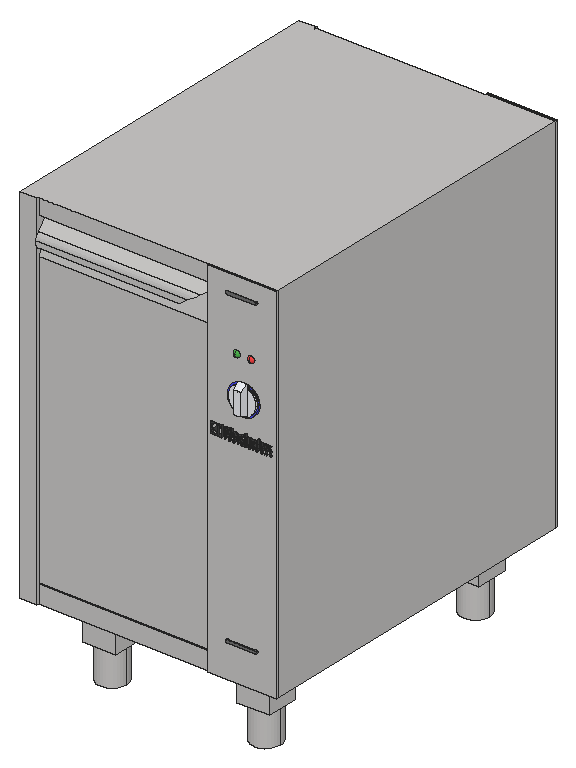
Revit family "QF_ELECTROLUXPROFESSIONAL_121834_TERPE5DA", category Attrezzature speciali, Revit 2020
Family settings
  Quota connettore circolare = Usa diametro
  Tipo di parte = Normale
  Basato su piano di lavoro = No
  Sempre verticale = Sì
  Taglio con vuoti quando caricato = No
  Condiviso = No
  Punto di calcolo locali = No
Parameters (values of type "Standard")
  Weight = 10.00 kg
  Watts = 1600 W
  Volts = 230 V
  URL Manufacturer = "https://www.electroluxprofessional.com/"
  URL = "https://www.electroluxprofessional.com/"
  Steam Supply Size = 0 mm
  Steam Supply Minimum Pressure = 0.0 Pa
  Steam Supply Maximum Pressure = 0.0 Pa
  Steam Consumption per Hour = 0
  Refrigeration Suction Line Size = 0.0 mm
  Refrigeration Liquid Line Size = 0.0 mm
  Refrigerant Compressor Remote = yes
  Prospetto di default = 0.0 mm
  Phase = 1
  Modello = "TERPE5DA"
  Produttore = "Electrolux Professional"
  Length Actual = 500.0 mm  # constant formula
  Item Number = "121834"
  Hot Water Size = 0 mm
  Height Actual = 860.0 mm  # constant formula
  HP = "2.1 HP"
  Gas Size = 0 mm
  Gas KW = 0
  Gas Input Pressure = 0 W
  Direct Waste Size = 0 mm
  Descrizione = "HOT CUPB.PASS-THRU 1+1HINGED DOORS 500MM"
  Depth Actual = 680.0 mm  # constant formula
  Cycle = 50 Hz
  Condensate Return Size = 0 mm
  Compressed Air Volume = 0.0 L/s
  Compressed Air Size = 0 mm
  Compressed Air Pressure = 0.0 Pa
  Cold Water Size = 0 mm
  Accessory = yes
Reference planes
  plane 1 "Center (Front/Back)": y = 0
  plane 2: z = 0
  plane 3 "Center (Left/Right)": x = -300
  plane 4 "LEFT": x = -550
  plane 5 "RIGHT": x = -50
  plane 6 "BACK": y = 340
  plane 7 "FRONT": y = -340
  plane 8 "Base": z = 860
  plane 9 "TOP": z = 900
  plane 10: x = -450
  plane 11: x = -150
  plane 12: y = 270
  plane 13: y = -240
  plane 14 "FEET": z = 150
  plane 15: x = -516
  plane 16: y = -337
  plane 17: y = 297
  plane 18: x = -184
  plane 19 "EIy": x = -82
  plane 20 "EIx": y = -90
  plane 21: y = 337
Forms (mm)
  Extrusion 1, solid, material "QF_Finishes_Stainless Steel"
    sketch origin (0, 0, 150) x (-1, 0, 0) y (0, -1, 0)
      loop
        line (550, -340) -> (550, 340) -> (516, 340) -> (516, -340) -> (550, -340)
      loop
        line (184, -340) -> (184, 337) -> (50, 337) -> (50, -340) -> (184, -340)
    from 0 to 710
  Extrusion 2, solid, material "QF_Finishes_Stainless Steel"
    sketch origin (0, 0, 150) x (-1, 0, 0) y (0, -1, 0)
      loop
        line (516, -297) -> (516, 337) -> (184, 337) -> (184, -297) -> (516, -297)
    from 0 to 35
  Extrusion 3, solid, material "QF_Finishes_Stainless Steel"
    sketch origin (0, 0, 0) x (1, 0, 0) y (0, 1, 0)
      loop
        line (-516, -337) -> (-184, -337) -> (-184, 337) -> (-516, 337) -> (-516, -337)
    from 830 to 860
  Extrusion 4, solid, material "QF_Finishes_Stainless Steel"
    sketch origin (0, 0, 150) x (-1, 0, 0) y (0, -1, 0)
      loop
        circle (82, 90) r 10
    from 0 to -5
Cuts and joins
  joined: Extrusion 1, Extrusion 3
Lines and regions (mm)
  symbolic lines, style "SpecialityEquipmentHiddenLines"
    curve 1: line (-50, -340, 900) -> (-50, 340, 900)
    curve 2: line (-550, -344.5, 150) -> (-550, 340, 150)
    curve 3: line (-550, -340, 150) -> (-516, -340, 150)
    curve 4: line (-516, -340, 150) -> (-516, -337, 150)
    curve 5: line (-516, -337, 150) -> (-184, -337, 150)
    curve 6: line (-184, -337, 150) -> (-184, -340, 150)
    curve 7: line (-184, -340, 150) -> (-50, -340, 150)
    curve 8: line (-550, 340, 150) -> (-516, 340, 150)
    curve 9: line (-516, 340, 150) -> (-516, 337, 150)
    curve 10: line (-516, 337, 150) -> (-184, 337, 150)
    curve 11: line (-184, 337, 150) -> (-184, 340, 150)
    curve 12: line (-184, 340, 150) -> (-50, 340, 150)
Dimensions and locks
  plane 4 "LEFT" to plane 5 "RIGHT" = 500.0 mm
  equal spacing: plane 4 "LEFT", plane 3 "Center (Left/Right)", plane 5 "RIGHT"
  plane 6 "BACK" to plane 7 "FRONT" = 680.0 mm
  equal spacing: plane 6 "BACK", plane 1 "Center (Front/Back)", plane 7 "FRONT"
  locked: plane 14 "FEET" to level at 150
  locked: plane 4 "LEFT" to plane 10 at 100
  locked: plane 11 to plane 5 "RIGHT" at 100
  locked: plane 4 "LEFT" to plane 15 at 34
  plane 16 to plane 7 "FRONT" = 3.0 mm
  plane 6 "BACK" to plane 17 = 43.0 mm
  locked: plane 6 "BACK" to plane 12 at 70
  locked: plane 13 to plane 7 "FRONT" at 100
  locked: plane 8 "Base" to level at 860
  locked: plane 9 "TOP" to level at 900
  plane 18 to plane 5 "RIGHT" = 134.0 mm
  plane 20 "EIx" to plane 7 "FRONT" = 250.0 mm
  plane 19 "EIy" to plane 5 "RIGHT" = 32.0 mm
  plane 6 "BACK" to plane 21 = 3.0 mm
  nested 6 to nested 8 = 1340.0 mm
  aligned and locked: level to plane 2
  aligned and locked: plane 10 to nested 1
  aligned and locked: plane 11 to nested 2
  aligned and locked: nested 4 to plane 12
  aligned and locked: plane 10 to nested 3
  aligned and locked: nested 3 to plane 12
  aligned and locked: plane 8 "Base" to Extrusion 1
  aligned and locked: plane 6 "BACK" to Extrusion 1 sketch curve
  aligned and locked: Extrusion 1 sketch curve to plane 6 "BACK"
  aligned and locked: Extrusion 1 sketch curve to plane 7 "FRONT"
  aligned and locked: plane 15 to Extrusion 1
  aligned and locked: Extrusion 2 to plane 15
  aligned and locked: plane 8 "Base" to Extrusion 3
  aligned and locked: Extrusion 2 to plane 16
  aligned and locked: Extrusion 2 to plane 17
  aligned and locked: Extrusion 3 to plane 16
  aligned and locked: nested 1 to plane 13
  aligned and locked: nested 2 to plane 13
  aligned and locked: plane 18 to Extrusion 3
  aligned and locked: Extrusion 2 sketch curve to plane 18
  aligned and locked: Extrusion 3 to plane 21
Automatic sketch dimensions
  Extrusion 4 sketch curve to plane 19 "EIy" = 0.0 mm
  Extrusion 4 sketch curve to plane 20 "EIx" = 0.0 mm
  curve 1 to plane 5 "RIGHT" = 0.0 mm
  curve 1 to plane 7 "FRONT" = 0.0 mm
  curve 1 to plane 6 "BACK" = 0.0 mm
  Extrusion 1 sketch curve to plane 5 "RIGHT" = 0.0 mm
  Extrusion 1 sketch curve to plane 16 = 0.0 mm
  Extrusion 1 sketch curve to plane 18 = 0.0 mm
  Extrusion 1 sketch curve to plane 15 = 0.0 mm
  Extrusion 1 sketch curve to plane 4 "LEFT" = 0.0 mm
  Extrusion 2 sketch curve to plane 15 = 0.0 mm
  plane 17 to Extrusion 2 sketch curve = 0.0 mm
  Extrusion 2 sketch curve to plane 16 = 0.0 mm
  curve 7 to plane 5 "RIGHT" = 0.0 mm
  curve 12 to plane 5 "RIGHT" = 0.0 mm
  curve 12 to plane 6 "BACK" = 0.0 mm
  curve 12 to plane 18 = 0.0 mm
  curve 7 to plane 7 "FRONT" = 0.0 mm
  curve 7 to plane 18 = 0.0 mm
  curve 5 to plane 15 = 0.0 mm
  curve 8 to plane 6 "BACK" = 0.0 mm
  curve 8 to plane 15 = 0.0 mm
  curve 2 to plane 4 "LEFT" = 0.0 mm
  plane 21 to curve 9 = 0.0 mm
  curve 4 to plane 16 = 0.0 mm
  curve 4 to plane 7 "FRONT" = 0.0 mm
  curve 3 to curve 2 = 4.5 mm
  Extrusion 3 sketch curve to plane 15 = 0.0 mm
  Extrusion 3 sketch curve to plane 18 = 0.0 mm
  Extrusion 3 sketch curve to plane 16 = 0.0 mm
  plane 21 to Extrusion 3 sketch curve = 0.0 mm
  radius of Extrusion 4 sketch curve = 10.0 mm
Nested families
  nested 1: "FEET_L63-150" at (-450, -240, 0), type "FEET_L63-150"
  nested 2: "FEET_L63-150" at (-150, -240, 0), type "FEET_L63-150"
  nested 3: "FEET_L63-150" at (-450, 270, 0), type "FEET_L63-150"
  nested 4: "FEET_L63-150" at (-150, 270, 0), type "FEET_L63-150"
  nested 5: "PANEL_ELX_HOTCUP_134" at (-153.042, -337, 150) x (1, 0, 0) z (0, -1, 0), type "PANEL_ELX_HOTCUP_134"
    with Width 134.0 mm, Show Clearance yes
  nested 6: "H637_400_1DOOR" at (-386.042, -297, 150) x (1, 0, 0) z (0, -1, 0), type "H637_400_1DOOR"
    with Width 400.0 mm, Show Clearance yes
  nested 7: "PANEL_ELX_HOTCUP_134" at (-80.958, 340, 150) x (-1, 0, 0) z (0, 1, 0), type "PANEL_ELX_HOTCUP_134"
    with Width 134.0 mm, Show Clearance yes
  nested 8: "H637_400_1DOOR" at (-313.958, 297, 150) x (-1, 0, 0) z (0, 1, 0), type "H637_400_1DOOR"
    with Width 400.0 mm, Show Clearance yes
Connectors
  electrical at (-82, -90, 145), driven by "Volts"
    settings: on Extrusion 4, index 1, voltage 230 V, apparent load 0 VA, apparent load phase1 0 VA, apparent load phase2 0 VA, apparent load phase3 0 VA, power factor 1, load classification "Other", number of poles 1, system type 30, power factor state 1, is connector primary yes, connector utility no, sub classification motor no, connector description "Electrical Connection"
Definition of nested family "FEET_L63-150"
  Parameters
    Default Elevation = 0.0 mm
    FEET = 150.0 mm
  Reference planes
    plane 1 "Center (Front/Back)": y = 0
    plane 2: z = 0
    plane 3 "Center (Left/Right)": x = 0
    plane 4: z = 150
  Forms (mm)
    Extrusion 1, solid
      sketch origin (0, 0, 0) x (1, 0, 0) y (0, 1, 0)
        loop
          circle (0, 0) r 28
      from 0 to 67
    Extrusion 2, solid
      sketch origin (0, 0, 0) x (1, 0, 0) y (0, 1, 0)
        loop
          line (31.561, 31.5) -> (-31.439, 31.5) -> (-31.439, -31.5) -> (31.561, -31.5) -> (31.561, 31.5)
      from 67 to 150 <- "FEET"
  Lines and regions (mm)
    symbolic lines
      curve 1: line (0, -1.503, 0) -> (0, 1.508, 0)
      curve 2: line (1.561, 0, 0) -> (-1.439, 0, 0)
  Dimensions and locks
    "FEET": plane 4 to plane 2
    aligned and locked: level to plane 2
  Automatic sketch dimensions
    plane 1 "Center (Front/Back)" to Extrusion 1 sketch curve = 0.0 mm
    Extrusion 1 sketch curve to plane 3 "Center (Left/Right)" = 0.0 mm
    plane 1 "Center (Front/Back)" to curve 2 = 0.0 mm
    curve 1 to plane 3 "Center (Left/Right)" = 0.0 mm
    curve 2 to plane 3 "Center (Left/Right)" = 1.439 mm
    plane 3 "Center (Left/Right)" to curve 2 = 1.561 mm
    plane 1 "Center (Front/Back)" to curve 1 = 1.503 mm
    curve 1 to plane 1 "Center (Front/Back)" = 1.508 mm
    Extrusion 2 sketch curve to plane 1 "Center (Front/Back)" = 31.5 mm
    Extrusion 2 sketch curve to plane 3 "Center (Left/Right)" = 31.439 mm
    plane 3 "Center (Left/Right)" to Extrusion 2 sketch curve = 31.561 mm
    plane 1 "Center (Front/Back)" to Extrusion 2 sketch curve = 31.5 mm
    radius of Extrusion 1 sketch curve = 28.0 mm
Definition of nested family "PANEL_ELX_HOTCUP_134"
  Parameters
    Width [instance] = 134.0 mm
    Show Clearance [instance] = yes
    Model = "727995"
    Height = 710.0 mm
    Default Elevation = 0.0 mm
  Reference planes
    plane 1 "Center (Front/Back)": y = 0
    plane 2: z = 0
    plane 3 "Center (Left/Right)": x = 36.042
    plane 4 "panel": z = 3
    plane 5 "Left": x = -30.958
    plane 6 "Right": x = 103.042
    plane 7: y = 710
    plane 8 "L1": x = 26.042
    plane 9 "L2": x = 54.042
    plane 10: y = 575
  Forms (mm)
    Extrusion 1, solid
      sketch origin (0, -919.2, 0) x (1, 0, 0) y (0, 1, 0)
        loop
          line (-980.5, 2119.2) -> (-980.5, -162.846) -> (881.94, -162.846) -> (881.94, 2119.2) -> (-980.5, 2119.2)
      from 0 to -59.546
    Extrusion 2, solid
      sketch origin (36.042, -190, 0) x (0, 1, 0) y (0, 0, 1)
        loop
          line (190, 3) -> (190, 0) -> (900, 0) -> (900, 3) -> (190, 3)
      from 67 to -67
    Extrusion 3, solid
      sketch origin (0, 0, 0) x (1, 0, 0) y (0, 1, 0)
        loop
          line (9.042, 673.5) -> (63.042, 673.5)
          arc (63.042, 673.5) -> (66.042, 676.5) -> (63.042, 679.5) r 3
          line (63.042, 679.5) -> (9.042, 679.5)
          arc (9.042, 679.5) -> (6.042, 676.5) -> (9.042, 673.5) r 3
        loop
          line (9.042, 65) -> (63.042, 65)
          arc (63.042, 65) -> (66.042, 68) -> (63.042, 71) r 3
          line (63.042, 71) -> (9.042, 71)
          arc (9.042, 71) -> (6.042, 68) -> (9.042, 65) r 3
      from 3 to 4.6
    Extrusion 4, solid
      sketch origin (0, 0, 0) x (1, 0, 0) y (0, 1, 0)
        loop
          circle (40.042, 500) r 30
      from 0 to 5
    Extrusion 5, solid
      sketch origin (0, 0, 0) x (1, 0, 0) y (0, 1, 0)
        loop
          circle (40.042, 500) r 26.788
      from 7 to 5
    Blend 6, solid
      base sketch origin (0, 0, 0) x (1, 0, 0) y (0, 1, 0)
        loop
          arc (48.106, 530.45) -> (40.022, 531.5) -> (31.94, 530.44) r 31.5
          line (31.94, 530.44) -> (31.94, 474.458)
          arc (31.94, 474.458) -> (40.023, 473.209) -> (48.106, 474.454) r 26.815
          line (48.106, 474.454) -> (48.106, 530.45)
      top sketch origin (0, 0, 0) x (1, 0, 0) y (0, 1, 0)
        loop
          arc (47.007, 520.889) -> (40.042, 522.019) -> (33.077, 520.889) r 22.019
          line (33.077, 520.889) -> (33.077, 480.699)
          arc (33.077, 480.699) -> (40.042, 479.481) -> (47.007, 480.699) r 20.519
          line (47.007, 480.699) -> (47.007, 520.889)
      from 7 to 20
    Revolve 7, solid
      sketch origin (26.042, 0, 0) x (0, 1, 0) y (0, 0, 1)
        loop
          line (575, 3) -> (581, 3)
          arc (581, 3) -> (578.606, 5.908) -> (575, 7) r 6.5
          line (575, 7) -> (575, 3)
        axis (575, 7) -> (575, 3)
      angle from 0 to 360
    Revolve 8, solid
      sketch origin (54.042, 0, 0) x (0, 1, 0) y (0, 0, 1)
        loop
          line (575, 3) -> (581, 3)
          arc (581, 3) -> (578.606, 5.908) -> (575, 7) r 6.5
          line (575, 7) -> (575, 3)
        axis (575, 7) -> (575, 3)
      angle from 0 to 360
  Dimensions and locks
    plane 4 "panel" to level = 3.0 mm
    "Width": plane 5 "Left" to plane 6 "Right"
    equal spacing: plane 5 "Left", plane 3 "Center (Left/Right)", plane 6 "Right"
    "Height": plane 1 "Center (Front/Back)" to plane 7
    aligned and locked: plane 2 to Extrusion 1
    aligned and locked: level to Extrusion 1
    aligned and locked: plane 7 to Extrusion 2
    aligned and locked: plane 6 "Right" to Extrusion 2
    aligned and locked: Extrusion 2 to plane 5 "Left"
    aligned and locked: plane 1 "Center (Front/Back)" to Extrusion 2
  Automatic sketch dimensions
    Extrusion 1 sketch curve to Extrusion 1 sketch curve = 1862.44 mm
    Extrusion 1 sketch curve to Extrusion 1 sketch curve = 2282.046 mm
    Extrusion 2 sketch curve to plane 1 "Center (Front/Back)" = 0.0 mm
    Extrusion 2 sketch curve to level = 0.0 mm
    Extrusion 2 sketch curve to plane 7 = 0.0 mm
    Extrusion 2 sketch curve to plane 4 "panel" = 0.0 mm
    Extrusion 3 sketch curve to plane 8 "L1" = 17.0 mm  (x2)
    plane 9 "L2" to Extrusion 3 sketch curve = 9.0 mm  (x2)
    Extrusion 3 sketch curve to plane 1 "Center (Front/Back)" = 65.0 mm
    Extrusion 3 sketch curve to Extrusion 3 sketch curve = 3.0 mm  (x2)
    Extrusion 3 sketch curve to plane 7 = 36.5 mm
    plane 3 "Center (Left/Right)" to Extrusion 4 sketch curve = 4.0 mm
    Extrusion 4 sketch curve to plane 10 = 75.0 mm
    plane 3 "Center (Left/Right)" to Extrusion 5 sketch curve = 4.0 mm
    Extrusion 5 sketch curve to plane 10 = 75.0 mm
    Blend 6 sketch curve to plane 3 "Center (Left/Right)" = 4.102 mm
    plane 3 "Center (Left/Right)" to Blend 6 sketch curve = 3.988 mm
    Blend 6 sketch curve to Blend 6 sketch curve = 0.012 mm
    Blend 6 sketch curve to plane 9 "L2" = 5.936 mm
    Blend 6 sketch curve to plane 10 = 100.546 mm
    Blend 6 sketch curve to Blend 6 sketch curve = 0.004 mm
    Blend 6 sketch curve to Blend 6 sketch curve = 0.024 mm
    Blend 6 sketch curve to Blend 6 sketch curve = 30.416 mm
    Blend 6 sketch curve to Blend 6 sketch curve = 0.0 mm  (x2)
    Blend 6 sketch curve to plane 3 "Center (Left/Right)" = 2.965 mm
    plane 3 "Center (Left/Right)" to Blend 6 sketch curve = 4.0 mm
    Blend 6 sketch curve to plane 9 "L2" = 7.035 mm
    Blend 6 sketch curve to plane 10 = 94.301 mm
    Blend 6 sketch curve to Blend 6 sketch curve = 19.301 mm
    Blend 6 sketch curve to Blend 6 sketch curve = 20.889 mm
    Revolve 7 sketch curve to plane 4 "panel" = 0.0 mm
    Revolve 7 sketch curve to plane 10 = 0.0 mm  (x2)
    plane 10 to Revolve 7 sketch curve = 6.0 mm
    level to Revolve 7 sketch curve = 0.5 mm
    Revolve 7 sketch curve to Revolve 7 sketch curve = 0.57 mm
    Revolve 7 sketch curve to Revolve 7 sketch curve = 2.941 mm
    Revolve 8 sketch curve to plane 4 "panel" = 0.0 mm
    Revolve 8 sketch curve to plane 10 = 0.0 mm  (x2)
    plane 10 to Revolve 8 sketch curve = 6.0 mm
    level to Revolve 8 sketch curve = 0.5 mm
    Revolve 8 sketch curve to Revolve 8 sketch curve = 0.57 mm
    Revolve 8 sketch curve to Revolve 8 sketch curve = 2.941 mm
    radius of Extrusion 4 sketch curve = 30.0 mm
    radius of Extrusion 5 sketch curve = 26.788 mm
  Nested families
    nested 1: "ELX_Professional_Logo_Small" at (36.042, 430.35, 3), type "ELX_Professional_Logo_Small"
      with Show Logo yes, Material_Logo none
  Definition of nested family "ELX_Professional_Logo_Small"
    Parameters
      Show Logo [instance] = yes
      Material_Logo [instance] = none
      Default Elevation = 0.0 mm
    Reference planes
      plane 1 "Centro (Fronte/Retro)": y = 0
      plane 2: z = 0
      plane 3 "Centro (Sinistra/Destra)": x = 0
    Forms (mm)
      Extrusion 1, solid
        sketch origin (0, 0, 0) x (1, 0, 0) y (0, 1, 0)
          loop
            line (-1219.2, 1219.2) -> (-1219.2, -1219.2) -> (1219.2, -1219.2) -> (1219.2, 1219.2) -> (-1219.2, 1219.2)
        from 0 to -304.8
      Extrusion 2, solid, material <- "Material_Logo"
        sketch origin (15.5, 0, 0) x (1, 0, 0) y (0, 1, 0)
          loop
            spline (-42.99, -1.24) -> (-43.195, -1.231) -> (-43.415, -1.203) -> (-43.642, -1.152) -> (-43.87, -1.074) -> (-44.095, -0.966) -> (-44.309, -0.825) -> (-44.506, -0.647) -> (-44.681, -0.429) -> (-44.828, -0.167) -> (-44.94, 0.142) -> (-45.011, 0.501) -> (-45.037, 0.915)
            line (-45.037, 0.915) -> (-45.037, 2.748) -> (-38.984, 2.748) -> (-38.984, 5.086) -> (-45.038, 5.086) -> (-45.038, 8.489) -> (-38.599, 8.489) -> (-38.599, 10.82) -> (-47.515, 10.82) -> (-47.515, 1.021)
            spline (-47.515, 1.021) -> (-47.493, 0.418) -> (-47.425, -0.15) -> (-47.311, -0.682) -> (-47.15, -1.175) -> (-46.939, -1.628) -> (-46.678, -2.038) -> (-46.365, -2.404) -> (-46, -2.723) -> (-45.58, -2.995) -> (-45.105, -3.216) -> (-44.573, -3.385) -> (-43.983, -3.499)
            line (-43.983, -3.499) -> (-43.01, -3.569) -> (-38.426, -3.569) -> (-38.426, -1.24) -> (-42.99, -1.24)
          loop
            line (-36.666, 4.021) -> (-36.666, -3.573) -> (-34.188, -3.573) -> (-34.188, 10.824) -> (-36.666, 10.824) -> (-36.666, 4.021)
          loop
            spline (-21.915, 1.897) -> (-21.957, 2.615) -> (-22.082, 3.303) -> (-22.285, 3.955) -> (-22.563, 4.564) -> (-22.913, 5.124) -> (-23.331, 5.629) -> (-23.814, 6.074) -> (-24.359, 6.451) -> (-24.961, 6.755) -> (-25.618, 6.98) -> (-26.326, 7.119) -> (-27.081, 7.167)
            spline (-27.081, 7.167) -> (-27.853, 7.122) -> (-28.586, 6.99) -> (-29.275, 6.774) -> (-29.915, 6.478) -> (-30.5, 6.104) -> (-31.024, 5.657) -> (-31.483, 5.138) -> (-31.871, 4.553) -> (-32.182, 3.904) -> (-32.411, 3.194) -> (-32.552, 2.427) -> (-32.6, 1.606)
            spline (-32.6, 1.606) -> (-32.553, 0.805) -> (-32.416, 0.057) -> (-32.193, -0.637) -> (-31.887, -1.271) -> (-31.504, -1.843) -> (-31.048, -2.35) -> (-30.523, -2.788) -> (-29.934, -3.154) -> (-29.284, -3.444) -> (-28.579, -3.656) -> (-27.822, -3.785) -> (-27.019, -3.829)
            spline (-27.019, -3.829) -> (-26.627, -3.82) -> (-26.239, -3.79) -> (-25.856, -3.739) -> (-25.477, -3.663) -> (-25.103, -3.562) -> (-24.734, -3.432) -> (-24.369, -3.273) -> (-24.01, -3.082) -> (-23.655, -2.858) -> (-23.305, -2.597) -> (-22.96, -2.299) -> (-22.621, -1.962)
            line (-22.621, -1.962) -> (-24.114, -0.509)
            spline (-24.114, -0.509) -> (-24.311, -0.699) -> (-24.509, -0.872) -> (-24.71, -1.03) -> (-24.915, -1.172) -> (-25.126, -1.297) -> (-25.346, -1.407) -> (-25.576, -1.5) -> (-25.817, -1.576) -> (-26.072, -1.636) -> (-26.342, -1.678) -> (-26.629, -1.704) -> (-26.936, -1.713)
            spline (-26.936, -1.713) -> (-27.384, -1.691) -> (-27.805, -1.625) -> (-28.196, -1.518) -> (-28.556, -1.372) -> (-28.882, -1.187) -> (-29.174, -0.966) -> (-29.429, -0.71) -> (-29.645, -0.422) -> (-29.821, -0.102) -> (-29.955, 0.247) -> (-30.045, 0.623) -> (-30.089, 1.026)
            line (-30.089, 1.026) -> (-21.956, 1.026) -> (-21.915, 1.897)
          loop
            spline (-24.446, 2.769) -> (-24.47, 3.075) -> (-24.54, 3.37) -> (-24.654, 3.65) -> (-24.807, 3.913) -> (-24.996, 4.156) -> (-25.219, 4.376) -> (-25.472, 4.57) -> (-25.753, 4.736) -> (-26.057, 4.869) -> (-26.382, 4.968) -> (-26.724, 5.03) -> (-27.081, 5.051)
            spline (-27.081, 5.051) -> (-27.464, 5.03) -> (-27.832, 4.97) -> (-28.183, 4.872) -> (-28.513, 4.74) -> (-28.819, 4.577) -> (-29.099, 4.384) -> (-29.347, 4.165) -> (-29.563, 3.923) -> (-29.742, 3.659) -> (-29.881, 3.377) -> (-29.977, 3.079) -> (-30.027, 2.769)
            line (-30.027, 2.769) -> (-24.446, 2.769)
          loop
            spline (-18.167, 1.669) -> (-18.138, 2.13) -> (-18.055, 2.567) -> (-17.921, 2.978) -> (-17.739, 3.358) -> (-17.512, 3.705) -> (-17.243, 4.016) -> (-16.937, 4.287) -> (-16.596, 4.517) -> (-16.223, 4.7) -> (-15.823, 4.835) -> (-15.398, 4.919) -> (-14.951, 4.947)
            spline (-14.951, 4.947) -> (-14.677, 4.938) -> (-14.414, 4.913) -> (-14.162, 4.871) -> (-13.921, 4.812) -> (-13.69, 4.738) -> (-13.467, 4.649) -> (-13.254, 4.544) -> (-13.048, 4.424) -> (-12.85, 4.291) -> (-12.659, 4.143) -> (-12.474, 3.981) -> (-12.295, 3.806)
            line (-12.295, 3.806) -> (-10.76, 5.403)
            spline (-10.76, 5.403) -> (-11.065, 5.709) -> (-11.38, 5.984) -> (-11.703, 6.228) -> (-12.035, 6.443) -> (-12.375, 6.63) -> (-12.723, 6.788) -> (-13.078, 6.92) -> (-13.44, 7.026) -> (-13.809, 7.107) -> (-14.184, 7.164) -> (-14.564, 7.198) -> (-14.951, 7.209)
            spline (-14.951, 7.209) -> (-15.725, 7.161) -> (-16.467, 7.02) -> (-17.169, 6.792) -> (-17.826, 6.482) -> (-18.43, 6.096) -> (-18.976, 5.637) -> (-19.455, 5.112) -> (-19.862, 4.525) -> (-20.19, 3.882) -> (-20.433, 3.189) -> (-20.584, 2.449) -> (-20.635, 1.669)
            spline (-20.635, 1.669) -> (-20.584, 0.889) -> (-20.433, 0.149) -> (-20.19, -0.545) -> (-19.862, -1.187) -> (-19.455, -1.774) -> (-18.976, -2.299) -> (-18.43, -2.758) -> (-17.826, -3.145) -> (-17.169, -3.454) -> (-16.467, -3.682) -> (-15.725, -3.823) -> (-14.951, -3.871)
            spline (-14.951, -3.871) -> (-14.564, -3.86) -> (-14.184, -3.826) -> (-13.809, -3.77) -> (-13.44, -3.689) -> (-13.078, -3.583) -> (-12.723, -3.451) -> (-12.375, -3.292) -> (-12.035, -3.105) -> (-11.703, -2.89) -> (-11.38, -2.646) -> (-11.065, -2.371) -> (-10.76, -2.066)
            line (-10.76, -2.066) -> (-12.295, -0.468)
            spline (-12.295, -0.468) -> (-12.474, -0.643) -> (-12.659, -0.805) -> (-12.85, -0.953) -> (-13.048, -1.087) -> (-13.254, -1.206) -> (-13.467, -1.311) -> (-13.69, -1.4) -> (-13.921, -1.475) -> (-14.162, -1.533) -> (-14.414, -1.575) -> (-14.677, -1.6) -> (-14.951, -1.609)
            spline (-14.951, -1.609) -> (-15.398, -1.581) -> (-15.823, -1.497) -> (-16.223, -1.362) -> (-16.596, -1.179) -> (-16.937, -0.95) -> (-17.243, -0.678) -> (-17.512, -0.367) -> (-17.739, -0.02) -> (-17.921, 0.36) -> (-18.055, 0.771) -> (-18.138, 1.208) -> (-18.167, 1.669)
          loop
            spline (-4.441, -1.243) -> (-4.659, -1.247) -> (-4.894, -1.23) -> (-5.137, -1.19) -> (-5.384, -1.121) -> (-5.628, -1.021) -> (-5.864, -0.884) -> (-6.084, -0.708) -> (-6.283, -0.488) -> (-6.454, -0.219) -> (-6.592, 0.101) -> (-6.69, 0.478) -> (-6.742, 0.914)
            line (-6.742, 0.914) -> (-6.742, 4.587) -> (-4.487, 4.587) -> (-4.487, 6.838) -> (-6.738, 6.838) -> (-6.738, 10.824) -> (-9.217, 10.824) -> (-9.217, 0.773)
            spline (-9.217, 0.773) -> (-9.164, 0.19) -> (-9.068, -0.358) -> (-8.928, -0.87) -> (-8.742, -1.343) -> (-8.511, -1.777) -> (-8.232, -2.168) -> (-7.904, -2.515) -> (-7.527, -2.816) -> (-7.098, -3.069) -> (-6.618, -3.273) -> (-6.084, -3.426) -> (-5.496, -3.525)
            line (-5.496, -3.525) -> (-4.45, -3.573) -> (-4.441, -1.243)
          loop
            spline (3.898, 6.983) -> (3.469, 7.009) -> (3.056, 7.001) -> (2.661, 6.961) -> (2.283, 6.888) -> (1.925, 6.785) -> (1.588, 6.652) -> (1.272, 6.49) -> (0.979, 6.301) -> (0.71, 6.085) -> (0.465, 5.844) -> (0.247, 5.578) -> (0.056, 5.289)
            line (0.056, 5.289) -> (0.056, 6.838) -> (-2.402, 6.838) -> (-2.402, -3.572) -> (0.056, -3.572) -> (0.056, 1.901)
            spline (0.056, 1.901) -> (0.079, 2.316) -> (0.145, 2.703) -> (0.254, 3.06) -> (0.404, 3.386) -> (0.592, 3.679) -> (0.818, 3.938) -> (1.08, 4.162) -> (1.375, 4.348) -> (1.703, 4.495) -> (2.062, 4.602) -> (2.45, 4.668) -> (2.865, 4.69)
            line (2.865, 4.69) -> (3.898, 4.586) -> (3.898, 6.983)
          loop
            spline (15.638, 1.633) -> (15.586, 2.396) -> (15.435, 3.124) -> (15.192, 3.81) -> (14.863, 4.449) -> (14.455, 5.034) -> (13.975, 5.56) -> (13.43, 6.021) -> (12.826, 6.411) -> (12.17, 6.724) -> (11.469, 6.955) -> (10.729, 7.098) -> (9.958, 7.147)
            spline (9.958, 7.147) -> (9.182, 7.098) -> (8.44, 6.955) -> (7.737, 6.724) -> (7.081, 6.411) -> (6.477, 6.021) -> (5.933, 5.56) -> (5.454, 5.034) -> (5.048, 4.449) -> (4.721, 3.81) -> (4.479, 3.124) -> (4.329, 2.396) -> (4.277, 1.633)
            spline (4.277, 1.633) -> (4.329, 0.869) -> (4.479, 0.141) -> (4.721, -0.544) -> (5.048, -1.183) -> (5.454, -1.768) -> (5.933, -2.294) -> (6.477, -2.755) -> (7.081, -3.145) -> (7.737, -3.459) -> (8.44, -3.69) -> (9.182, -3.833) -> (9.958, -3.882)
            spline (9.958, -3.882) -> (10.729, -3.833) -> (11.469, -3.69) -> (12.17, -3.459) -> (12.826, -3.145) -> (13.43, -2.755) -> (13.975, -2.294) -> (14.455, -1.768) -> (14.863, -1.183) -> (15.192, -0.544) -> (15.435, 0.141) -> (15.586, 0.869) -> (15.638, 1.633)
          loop
            spline (13.18, 1.633) -> (13.151, 2.083) -> (13.067, 2.513) -> (12.932, 2.918) -> (12.748, 3.296) -> (12.52, 3.642) -> (12.251, 3.954) -> (11.943, 4.227) -> (11.601, 4.459) -> (11.228, 4.645) -> (10.828, 4.782) -> (10.403, 4.867) -> (9.958, 4.896)
            spline (9.958, 4.896) -> (9.509, 4.867) -> (9.081, 4.782) -> (8.679, 4.645) -> (8.306, 4.459) -> (7.964, 4.227) -> (7.658, 3.954) -> (7.39, 3.642) -> (7.163, 3.296) -> (6.981, 2.918) -> (6.847, 2.513) -> (6.765, 2.083) -> (6.736, 1.633)
            spline (6.736, 1.633) -> (6.765, 1.182) -> (6.847, 0.753) -> (6.981, 0.347) -> (7.163, -0.031) -> (7.39, -0.377) -> (7.658, -0.689) -> (7.964, -0.962) -> (8.306, -1.193) -> (8.679, -1.38) -> (9.081, -1.517) -> (9.509, -1.602) -> (9.958, -1.631)
            spline (9.958, -1.631) -> (10.403, -1.602) -> (10.828, -1.517) -> (11.228, -1.38) -> (11.601, -1.193) -> (11.943, -0.962) -> (12.251, -0.689) -> (12.52, -0.377) -> (12.748, -0.031) -> (12.932, 0.347) -> (13.067, 0.753) -> (13.151, 1.182) -> (13.18, 1.633)
          loop
            line (17.162, 4.269) -> (17.162, -3.573) -> (19.642, -3.573) -> (19.642, 10.824) -> (17.162, 10.824) -> (17.162, 4.269)
          loop
            line (28.581, 6.838) -> (28.581, 0.786)
            spline (28.581, 0.786) -> (28.561, 0.393) -> (28.503, 0.038) -> (28.409, -0.279) -> (28.281, -0.559) -> (28.122, -0.802) -> (27.933, -1.011) -> (27.717, -1.185) -> (27.476, -1.325) -> (27.213, -1.433) -> (26.929, -1.509) -> (26.626, -1.554) -> (26.308, -1.569)
            spline (26.308, -1.569) -> (25.99, -1.554) -> (25.688, -1.509) -> (25.404, -1.434) -> (25.141, -1.326) -> (24.9, -1.187) -> (24.684, -1.014) -> (24.496, -0.807) -> (24.336, -0.565) -> (24.209, -0.288) -> (24.115, 0.026) -> (24.057, 0.376) -> (24.037, 0.765)
            line (24.037, 0.765) -> (24.037, 6.838) -> (21.537, 6.838) -> (21.537, 0.558)
            spline (21.537, 0.558) -> (21.581, -0.153) -> (21.71, -0.8) -> (21.916, -1.384) -> (22.195, -1.904) -> (22.54, -2.362) -> (22.944, -2.757) -> (23.403, -3.09) -> (23.909, -3.362) -> (24.456, -3.572) -> (25.04, -3.722) -> (25.652, -3.811) -> (26.288, -3.841)
            spline (26.288, -3.841) -> (26.929, -3.811) -> (27.547, -3.72) -> (28.135, -3.568) -> (28.687, -3.355) -> (29.197, -3.079) -> (29.66, -2.741) -> (30.068, -2.341) -> (30.415, -1.877) -> (30.696, -1.349) -> (30.905, -0.757) -> (31.034, -0.101) -> (31.079, 0.621)
            line (31.079, 0.621) -> (31.079, 6.838) -> (28.581, 6.838)
          loop
            line (40.457, -0.243) -> (38.894, 1.942) -> (40.83, 4.579) -> (42.488, 6.837) -> (39.782, 6.837) -> (37.53, 3.719) -> (35.258, 6.837) -> (32.573, 6.837) -> (34.113, 4.731) -> (36.167, 1.922) -> (34.014, -1.076) -> (32.222, -3.573) -> (34.887, -3.573) -> (37.53, 0.104) -> (40.174, -3.573) -> (42.839, -3.573) -> (40.457, -0.243)
          loop
            line (-46.121, -5.837) -> (-48.039, -5.837) -> (-48.039, -10.814) -> (-47.016, -10.814) -> (-47.016, -9.128) -> (-46.121, -9.128)
            arc (-46.121, -9.128) -> (-44.476, -7.482) -> (-46.121, -5.837) r 1.645
          loop
            line (-46.163, -6.778) -> (-47.016, -6.778) -> (-47.016, -8.187) -> (-46.163, -8.187)
            arc (-46.163, -8.187) -> (-45.458, -7.482) -> (-46.163, -6.778) r 0.704
          loop
            line (-38.313, -5.837) -> (-40.265, -5.837) -> (-40.265, -10.814) -> (-39.241, -10.814) -> (-39.241, -9.1) -> (-38.46, -9.182) -> (-37.48, -10.814) -> (-36.318, -10.814) -> (-37.513, -8.848)
            arc (-37.513, -8.848) -> (-36.888, -8.266) -> (-36.671, -7.441) r 1.536
            arc (-36.671, -7.441) -> (-37.165, -6.305) -> (-38.313, -5.837) r 1.643
          loop
            arc (-38.402, -8.166) -> (-37.707, -7.505) -> (-38.334, -6.778) r 0.696
            line (-38.334, -6.778) -> (-39.241, -6.778) -> (-39.241, -8.166) -> (-38.402, -8.166)
          loop
            circle (-29.965, -8.325) r 2.585
          loop
            circle (-29.965, -8.325) r 1.64
          loop
            line (-23.1, -5.837) -> (-23.1, -10.814) -> (-22.076, -10.814) -> (-22.076, -8.768) -> (-20.204, -8.768) -> (-20.204, -7.828) -> (-22.076, -7.828) -> (-22.076, -6.778) -> (-20.024, -6.778) -> (-20.024, -5.837) -> (-23.1, -5.837)
          loop
            line (-15.802, -5.837) -> (-15.802, -9.2)
            arc (-15.802, -9.2) -> (-15.343, -10.34) -> (-14.209, -10.814) r 1.593
            line (-14.209, -10.814) -> (-12.602, -10.814) -> (-12.602, -10.027) -> (-14.004, -10.027)
            arc (-14.004, -10.027) -> (-14.552, -9.8) -> (-14.779, -9.252) r 0.775
            line (-14.779, -9.252) -> (-14.779, -8.424) -> (-12.789, -8.424) -> (-12.789, -7.642) -> (-14.779, -7.642) -> (-14.779, -6.778) -> (-12.651, -6.778) -> (-12.651, -5.837) -> (-15.802, -5.837)
          loop
            line (-5.909, -7.143) -> (-5.173, -6.638)
            arc (-5.173, -6.638) -> (-5.855, -5.974) -> (-6.781, -5.755) r 1.782
            arc (-6.781, -5.755) -> (-7.397, -5.878) -> (-7.944, -6.189) r 1.974
            arc (-7.944, -6.189) -> (-8.202, -6.5) -> (-8.317, -6.888) r 1.013
            arc (-8.317, -6.888) -> (-8.306, -7.341) -> (-8.192, -7.78) r 1.985
            arc (-8.192, -7.78) -> (-7.749, -8.259) -> (-7.171, -8.563) r 1.928
            arc (-7.171, -8.563) -> (-6.637, -8.779) -> (-6.131, -9.056) r 5.041
            arc (-6.131, -9.056) -> (-5.934, -9.387) -> (-6.09, -9.74) r 0.42
            arc (-6.09, -9.74) -> (-6.631, -9.96) -> (-7.204, -9.845) r 1.016
            arc (-7.204, -9.845) -> (-7.625, -9.603) -> (-7.889, -9.196) r 1.033
            line (-7.889, -9.196) -> (-8.67, -9.686)
            arc (-8.67, -9.686) -> (-8.361, -10.198) -> (-7.908, -10.589) r 1.914
            arc (-7.908, -10.589) -> (-7.334, -10.834) -> (-6.714, -10.896) r 2.063
            arc (-6.714, -10.896) -> (-5.947, -10.743) -> (-5.256, -10.376) r 2.696
            arc (-5.256, -10.376) -> (-4.95, -9.565) -> (-5.108, -8.712) r 1.618
            arc (-5.108, -8.712) -> (-5.448, -8.319) -> (-5.884, -8.035) r 1.876
            arc (-5.884, -8.035) -> (-6.434, -7.789) -> (-6.999, -7.577) r 9.883
            arc (-6.999, -7.577) -> (-7.325, -7.07) -> (-6.854, -6.694) r 0.45
            arc (-6.854, -6.694) -> (-6.329, -6.809) -> (-5.909, -7.143) r 1.197
          loop
            line (1.61, -7.143) -> (2.345, -6.638)
            arc (2.345, -6.638) -> (1.663, -5.974) -> (0.737, -5.755) r 1.782
            arc (0.737, -5.755) -> (0.121, -5.878) -> (-0.425, -6.189) r 1.974
            arc (-0.425, -6.189) -> (-0.683, -6.5) -> (-0.799, -6.888) r 1.013
            arc (-0.799, -6.888) -> (-0.788, -7.341) -> (-0.674, -7.78) r 1.985
            arc (-0.674, -7.78) -> (-0.231, -8.259) -> (0.347, -8.563) r 1.928
            arc (0.347, -8.563) -> (0.881, -8.779) -> (1.387, -9.056) r 5.041
            arc (1.387, -9.056) -> (1.584, -9.387) -> (1.428, -9.74) r 0.42
            arc (1.428, -9.74) -> (0.887, -9.96) -> (0.314, -9.845) r 1.016
            arc (0.314, -9.845) -> (-0.107, -9.603) -> (-0.371, -9.196) r 1.033
            line (-0.371, -9.196) -> (-1.152, -9.686)
            arc (-1.152, -9.686) -> (-0.842, -10.198) -> (-0.39, -10.589) r 1.914
            arc (-0.39, -10.589) -> (0.184, -10.834) -> (0.804, -10.896) r 2.063
            arc (0.804, -10.896) -> (1.572, -10.743) -> (2.263, -10.376) r 2.696
            arc (2.263, -10.376) -> (2.568, -9.565) -> (2.411, -8.712) r 1.618
            arc (2.411, -8.712) -> (2.07, -8.319) -> (1.635, -8.035) r 1.876
            arc (1.635, -8.035) -> (1.084, -7.789) -> (0.519, -7.577) r 9.883
            arc (0.519, -7.577) -> (0.193, -7.07) -> (0.665, -6.694) r 0.45
            arc (0.665, -6.694) -> (1.189, -6.809) -> (1.61, -7.143) r 1.197
          loop
            line (6.801, -5.837) -> (6.801, -10.814) -> (7.825, -10.814) -> (7.825, -5.837) -> (6.801, -5.837)
          loop
            circle (14.724, -8.325) r 1.548
          loop
            circle (14.724, -8.325) r 2.585
          loop
            line (21.59, -10.814) -> (22.623, -10.814) -> (22.623, -7.685) -> (24.9, -10.814) -> (25.895, -10.814) -> (25.895, -5.837) -> (24.861, -5.837) -> (24.861, -9.061) -> (22.585, -5.837) -> (21.59, -5.837) -> (21.59, -10.814)
          loop
            line (31.054, -10.814) -> (31.539, -9.74) -> (33.38, -9.74) -> (33.865, -10.814) -> (34.965, -10.814) -> (32.46, -5.837) -> (29.956, -10.814) -> (31.054, -10.814)
          loop
            line (32.46, -7.698) -> (31.999, -8.719) -> (32.921, -8.719) -> (32.46, -7.698)
          loop
            line (40.047, -9.873) -> (40.047, -5.837) -> (39.024, -5.837) -> (39.024, -10.814) -> (41.961, -10.814) -> (41.961, -9.873) -> (40.047, -9.873)
          loop
            line (-74.986, -10.814) -> (-53.322, -10.814) -> (-53.322, 10.82) -> (-74.986, 10.82) -> (-74.986, -10.814)
          loop
            line (-61.261, 9.758) -> (-61.261, -9.707)
            arc (-61.261, -9.707) -> (-54.066, 0.025) -> (-61.261, 9.758) r 10.18
          loop
            line (-62.251, 8.349) -> (-62.251, 9.758)
            arc (-62.251, 9.758) -> (-70.347, 7.918) -> (-74.247, 0.59) r 9.976
            line (-74.247, 0.59) -> (-71.026, 0.59)
            arc (-71.026, 0.59) -> (-65.274, 2.925) -> (-62.251, 8.349) r 9.351
          loop
            arc (-74.247, -0.539) -> (-70.353, -7.928) -> (-62.251, -9.957) r 10.237
            line (-62.251, -9.957) -> (-62.251, -8.298)
            arc (-62.251, -8.298) -> (-65.274, -2.874) -> (-71.026, -0.539) r 9.351
            line (-71.026, -0.539) -> (-74.247, -0.539)
        from 0 to 1.644
    Dimensions and locks
      aligned and locked: plane 2 to Extrusion 1
      aligned and locked: level to Extrusion 1
Definition of nested family "H637_400_1DOOR"
  Parameters
    Width [instance] = 400.0 mm
    Show Clearance [instance] = yes
    Model = "727995"
    Height = 710.0 mm
    Default Elevation = 0.0 mm
  Reference planes
    plane 1 "Center (Front/Back)": y = 0
    plane 2: z = 0
    plane 3 "Center (Left/Right)": x = 36.042
    plane 4 "panel": z = 25
    plane 5 "Left": x = -163.958
    plane 6 "Right": x = 236.042
    plane 7: y = 710
    plane 8: z = 45
    plane 9: x = 199.042
    plane 10: x = -126.958
    plane 11: y = 672
    plane 12: y = 38
    plane 13: z = 373
  Forms (mm)
    Extrusion 1, solid
      sketch origin (0, -919.2, 0) x (1, 0, 0) y (0, 1, 0)
        loop
          line (-980.5, 2119.2) -> (-980.5, -162.846) -> (881.94, -162.846) -> (881.94, 2119.2) -> (-980.5, 2119.2)
      from 0 to -59.546
    Extrusion 2, solid
      sketch origin (36.042, -219.693, 0) x (0, 1, 0) y (0, 0, 1)
        loop
          line (848.63, 49.734) -> (848.63, 47.734) -> (858.98, 47.734)
          arc (858.98, 47.734) -> (865.586, 46.42) -> (871.186, 42.679) r 17.261
          line (871.186, 42.679) -> (888.019, 25.845) -> (891.693, 25) -> (872.6, 44.093)
          arc (872.6, 44.093) -> (866.351, 48.268) -> (858.98, 49.734) r 19.261
          line (858.98, 49.734) -> (848.63, 49.734)
      from -163 to 163
    Extrusion 3, void
      sketch origin (0, -219.693, 25) x (1, 0, 0) y (0, 1, 0)
        loop
          line (204.066, 839.859) -> (204.066, 882.225) -> (199.042, 882.225)
          arc (199.042, 882.225) -> (198.688, 880.688) -> (197.873, 879.339) r 5
          line (197.873, 879.339) -> (155.197, 850.51)
          arc (155.197, 850.51) -> (152.266, 849.11) -> (149.054, 848.63) r 10.974
          line (149.054, 848.63) -> (-122.198, 848.63)
          arc (-122.198, 848.63) -> (-125.564, 850.024) -> (-126.958, 853.39) r 4.76
          line (-126.958, 853.39) -> (-126.958, 839.859) -> (204.066, 839.859)
      from 0 to 27.674
    Extrusion 4, solid
      sketch origin (36.042, -190, 0) x (0, 1, 0) y (0, 0, 1)
        loop
          line (228, 40) -> (228, 0) -> (862, 0) -> (862, 25) -> (796.797, 40) -> (228, 40)
      from 163 to -163
    Extrusion 5, solid, detail levels coarse
      sketch origin (0, 0, 0) x (1, 0, 0) y (0, 0, 1)
        loop
          line (-126.958, 40) -> (199.042, 40) -> (199.042, 373)
          arc (199.042, 373) -> (-27.65, 268.854) -> (-126.958, 40) r 349.118
      from -672 to -38
  Cuts and joins
    Extrusion 3 cuts Extrusion 2
  Lines and regions (mm)
    symbolic lines
      curve 1: arc (199.042, 0, 373) -> (-24.216, 0, 272.314) -> (-126.393, 0, 49.734) r 349.118
      curve 2: line (199.042, 0, 40) -> (199.042, 0, 373)
      curve 3: line (167.735, 0, 49.734) -> (-126.958, 0, 49.734)
      curve 4: spline (187.459, 0, 44.389) -> (185.921, 0, 45.265) -> (184.356, 0, 46.066) -> (182.765, 0, 46.791) -> (181.151, 0, 47.437) -> (179.517, 0, 48.005) -> (177.865, 0, 48.493) -> (176.198, 0, 48.9) -> (174.519, 0, 49.226) -> (172.831, 0, 49.471) -> (171.136, 0, 49.633) -> (169.436, 0, 49.712) -> (167.736, 0, 49.71)
      curve 5: line (193.956, 0, 40) -> (187.459, 0, 44.389)
      curve 6: line (-126.958, 0, 49.734) -> (-126.958, 0, 40)
  Dimensions and locks
    plane 4 "panel" to level = 25.0 mm
    "Width": plane 5 "Left" to plane 6 "Right"
    equal spacing: plane 5 "Left", plane 3 "Center (Left/Right)", plane 6 "Right"
    "Height": plane 1 "Center (Front/Back)" to plane 7
    plane 9 to plane 6 "Right" = 37.0 mm
    plane 5 "Left" to plane 10 = 37.0 mm
    plane 7 to plane 11 = 38.0 mm
    plane 1 "Center (Front/Back)" to plane 12 = 38.0 mm
    plane 10 to plane 9 = 326.0 mm
    aligned and locked: plane 2 to Extrusion 1
    aligned and locked: level to Extrusion 1
    aligned and locked: plane 10 to Extrusion 2
    aligned and locked: plane 9 to Extrusion 2
    aligned and locked: plane 10 to Extrusion 4
    aligned and locked: plane 9 to Extrusion 4
  Automatic sketch dimensions
    Extrusion 1 sketch curve to Extrusion 1 sketch curve = 1862.44 mm
    Extrusion 1 sketch curve to Extrusion 1 sketch curve = 2282.046 mm
    Extrusion 3 sketch curve to plane 10 = 0.0 mm
    Extrusion 3 sketch curve to plane 9 = 0.0 mm
    Extrusion 3 sketch curve to Extrusion 3 sketch curve = 4.76 mm
    Extrusion 3 sketch curve to plane 9 = 49.988 mm
    Extrusion 3 sketch curve to Extrusion 3 sketch curve = 6.143 mm
    Extrusion 3 sketch curve to plane 9 = 4.988 mm
    Extrusion 3 sketch curve to plane 9 = 1.169 mm
    Extrusion 3 sketch curve to plane 6 "Right" = 31.976 mm
    Extrusion 3 sketch curve to plane 7 = 89.834 mm
    Extrusion 3 sketch curve to Extrusion 3 sketch curve = 8.771 mm
    Extrusion 3 sketch curve to Extrusion 3 sketch curve = 1.88 mm
    Extrusion 3 sketch curve to Extrusion 3 sketch curve = 39.48 mm
    Extrusion 3 sketch curve to Extrusion 3 sketch curve = 2.886 mm
    Extrusion 4 sketch curve to level = 0.0 mm
    Extrusion 4 sketch curve to plane 12 = 0.0 mm
    Extrusion 4 sketch curve to plane 4 "panel" = 0.0 mm
    Extrusion 4 sketch curve to plane 11 = 0.0 mm
    Extrusion 4 sketch curve to plane 8 = 5.0 mm
    Extrusion 4 sketch curve to plane 11 = 65.203 mm
    plane 10 to Extrusion 5 sketch curve = 0.0 mm
    Extrusion 5 sketch curve to plane 9 = 0.0 mm
    Extrusion 5 sketch curve to plane 13 = 0.0 mm
    Extrusion 5 sketch curve to plane 4 "panel" = 0.374 mm
    Extrusion 5 sketch curve to Extrusion 5 sketch curve = 22.78 mm
    Extrusion 2 sketch curve to Extrusion 2 sketch curve = 0.0 mm  (x2)
    Extrusion 2 sketch curve to plane 4 "panel" = 0.0 mm
    Extrusion 2 sketch curve to plane 11 = 0.0 mm
    Extrusion 2 sketch curve to plane 8 = 0.907 mm
    Extrusion 2 sketch curve to plane 11 = 19.093 mm
    Extrusion 2 sketch curve to plane 8 = 2.321 mm
    Extrusion 2 sketch curve to Extrusion 2 sketch curve = 1.414 mm
    plane 4 "panel" to Extrusion 2 sketch curve = 5.474 mm
    Extrusion 2 sketch curve to Extrusion 2 sketch curve = 12.205 mm
    Extrusion 2 sketch curve to Extrusion 2 sketch curve = 10.351 mm
    plane 4 "panel" to Extrusion 2 sketch curve = 0.845 mm
    Extrusion 2 sketch curve to plane 11 = 3.674 mm
    plane 10 to curve 6 = 0.0 mm
    curve 2 to plane 9 = 0.0 mm
    curve 2 to plane 13 = 0.0 mm
    curve 5 to plane 8 = 0.611 mm
    curve 5 to plane 9 = 11.583 mm
    curve 1 to plane 4 "panel" = 0.374 mm
    curve 1 to plane 6 "Right" = 14.22 mm
    plane 8 to curve 3 = 4.734 mm
    curve 3 to curve 4 = 19.723 mm
    curve 3 to curve 4 = 0.0 mm
    curve 4 to curve 4 = 0.908 mm
    curve 5 to plane 9 = 5.086 mm
    curve 4 to level = 1.281 mm
    curve 2 to plane 8 = 5.0 mm
    curve 5 to plane 8 = 5.0 mm
    curve 6 to plane 8 = 5.0 mm
    curve 4 to curve 3 = 0.025 mm
